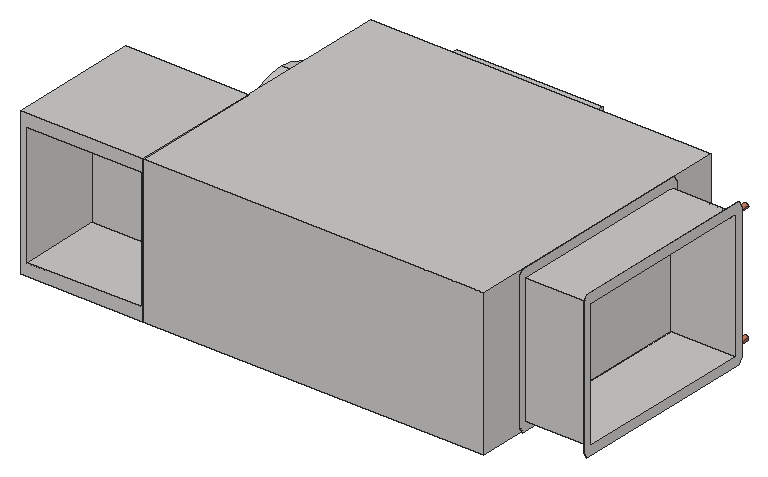
Revit family
Parameters
  Width = 3' - 3"
  Voltage = 277 V
  Unit Weight = if(Number of Rows = 1, "272.0 lbs", if(Number of Rows = 2, "277.0 lbs", "0"))  # "272.0 lbs"
  UltraLoc Liner = Choose Liner Option = 3  # no
  URL = "http://www.titus-hvac.com/"
  UL = "181"
  Supply Air Flow [instance] = 0 CFM
  SteriLoc Liner = Choose Liner Option = 2  # no
  Secondary Material = Copper Connectors
  Primary Air Pressure Drop [instance] = 0.00 in-wg
  Primary Air Flow [instance] = 0 CFM
  Pressure [instance] = 0.00 psi
  Plenum Air Pressure Drop [instance] = 0.00 in-wg
  Plenum Air Flow [instance] = 0 CFM
  Outlet Width = 2' - 1"
  Outlet Height = 1' - 5 1/2"
  Number of Rows = 1
  Number of Poles = 1
  Nominal Width = Width + 0' 6 1/4"  # 3' - 9 1/4"
  Nominal Length = Length + 1' 4 7/8" + 0' 9"  # 6' - 0 5/8"
  Nominal Inlet Size = 1' - 4"
  Nominal Height = 1' - 8"
  NFPA = "90A"
  Motor Full Load Amps [instance] = 3 A
  Model = "DTFS-F"
  Min. Air Flow = 0 CFM
  Max. Air Flow = 4000 CFM
  Material = Galvanized Steel
  Manufacturer = "Titus"
  Length = 3' - 10 3/4"
  Juction Box Offset = 0' - 6 7/8"
  Inlet Diameter = Nominal Inlet Size - 0' 0 1/8"  # 1' - 3 7/8"
  Induced Air Inlet Width = 1' - 4 7/8"
  Induced Air Inlet Offset = (Nominal Height - Induced Air Inlet Connection Height) / 2  # 0' - 1 11/16"
  Induced Air Inlet Height = 1' - 6 1/8"
  Induced Air Inlet Connection Width = 1' - 3 3/4"
  Induced Air Inlet Connection Height = 1' - 4 5/8"
  Induced Air Filter = no
  Heating Total Capacity [instance] = 0 Btu/h
  Heating Entering Water Temp = 0 °F
  Half Outlet Width = 1' - 0 1/2"
  Half Outlet Connection Width = Outlet Width / 2  # 1' - 0 1/2"
  Half Outlet Connection Height = Outlet Height / 2  # 0' - 8 3/4"
  Half Height Start = -(Nominal Height / 2)  # -0' - 10"
  Half Height End = Nominal Height / 2  # 0' - 10"
  HWC Option = HWC Section : D-E - 1 Row
  HWC Connector Radius = 5/16"
  HWC Connector Length = 0' - 3"
  HP-Motor = "1/3"
  Gallons Per Minute [instance] = 0 GPM
  Frequency = 60 Hz
  Flange Offset = 0' - 1 1/4"
  Filter Size = "18\"x17\""
  Fiber Free Liner = Choose Liner Option = 1  # no
  Fan Disconnect Switch = no
  Duct Radius = Nominal Inlet Size / 2  # 0' - 8"
  Description = "Ultra Quiet Series Fan Powered Terminal Unit, Direct Digital Control, Pressure Independent"
  Connector Vertical Offset = if(Number of Rows = 1, 1' 4 1/4", if(Number of Rows = 2, 1' 4 3/4", 0' 0"))  # 1' - 4 1/4"
  Connector Horizontal Offset = if(Number of Rows = 1, 0' 0", if(Number of Rows = 2, 0' 1", 0' 0"))  # 0' - 0"
  Connection Void Radius = Connection Radius - 0' 0 1/4"  # 0' - 7 11/16"
  Connection Radius = Inlet Diameter / 2  # 0' - 7 15/16"
  Choose Liner Option = 0
  CADworks URL = "www.CADworks.net"
  Assembly Code = "D3040100"
  Apparent Power [instance] = Voltage * Motor Full Load Amps  # 831 VA
  Air Inlet Offset = 0' - 11"
  1/2" Fiberglass Liner = Choose Liner Option = 0  # yes
  1" Fiberglass Liner = Choose Liner Option = 4  # no
Reference planes (in)
  plane 1 "Center (Front/Back)": y = 0
  plane 2: z = 0
  plane 3 "Center (Left/Right)": x = 3
  plane 4: x = -20.375
  plane 5: x = 26.375
  plane 6: x = -13.5
  plane 7: x = -23.75
  plane 8 "Center (Elevation)": z = 0
  plane 9: y = -19.5
  plane 10: y = 19.5
  plane 11: y = 8.5
  plane 12: y = -8.25
  plane 13: z = 0.6875
  plane 14: z = -6.875
  plane 15: x = 35.375
  plane 16: x = 34.375
  plane 17: x = 34.375
  plane 18: y = 15.5
  plane 19: z = -8.125
  plane 20: z = 8.125
  plane 21: y = -12.5
  plane 22: y = 12.5
  plane 23: y = 25.75
  plane 24: x = -37.25
  plane 25: z = 10
  plane 26: z = -10
Forms (in)
  Extrusion 1, solid, material "Galvanized Steel" <- "Material"
    sketch origin (0, 0, 0) x (1, 0, 0) y (0, 1, 0)
      loop
        line (-20.375, 19.5) -> (-20.375, -19.5) -> (26.375, -19.5) -> (26.375, 19.5) -> (-20.375, 19.5)
    from -10 <- "Half Height Start" to 10 <- "Half Height End"
  Extrusion 2, solid, material "Galvanized Steel" <- "Material"
    sketch origin (0, 0, 0) x (1, 0, 0) y (0, 1, 0)
      loop
        line (-37.25, -1.375) -> (-37.25, -19.5) -> (-20.375, -19.5) -> (-20.375, -1.375) -> (-37.25, -1.375)
    from -10 <- "Half Height Start" to 10 <- "Half Height End"
  Extrusion 3, void, detail levels fine
    sketch origin (0, -19.5, 0) x (1, 0, 0) y (0, 0, -1)
      loop
        line (-20.625, 8.3125) -> (-36.375, 8.3125) -> (-36.375, -8.3125) -> (-20.625, -8.3125) -> (-20.625, 8.3125)
    from 0 to 11.25
  Extrusion 4, solid, material "Galvanized Steel" <- "Material"
    sketch origin (3.125, 0, 0) x (1, 0, 0) y (0, 1, 0)
      loop
        line (-16.625, 19.5) -> (3.375, 19.5) -> (3.375, 25.75) -> (-16.625, 25.75) -> (-16.625, 19.5)
    from -6 to 6
  Extrusion 5, solid, material "Galvanized Steel" <- "Material"
    sketch origin (-24.875, -3, 0) x (0, 0, -1) y (0, 1, 0)
      loop
        circle (0, 11.5) r 7.9375
    from 1.125 to 4.5
  Extrusion 6, void, detail levels fine
    sketch origin (-24.875, 0, 0) x (0, 1, 0) y (0, 0, 1)
      loop
        circle (8.5, 0) r 7.6875
    from 1.125 to 11.375
  Extrusion 7, void, detail levels fine
    sketch origin (35.375, -12.5, 8.75) x (0, 0, 1) y (0, -1, 0)
      loop
        line (-17.5, 0) -> (-17.5, -25) -> (0, -25) -> (0, 0) -> (-17.5, 0)
    from -0.0625 to 0
  Extrusion 8, solid, material "Copper Connectors" <- "Secondary Material", detail levels fine
    sketch origin (0, 0, 0) x (1, 0, 0) y (0, 0, 1)
      loop
        circle (34.375, 8.125) r 0.3125
    from -15.5 to -12.5625
  Extrusion 9, solid, material "Copper Connectors" <- "Secondary Material", detail levels fine
    sketch origin (0, 0, 0) x (1, 0, 0) y (0, 0, 1)
      loop
        circle (34.375, -8.125) r 0.3125
    from -15.5 to -12.5625
Cuts and joins
  Extrusion 3 cuts Extrusion 2
  Extrusion 6 cuts Extrusion 1
  Extrusion 6 cuts Extrusion 5
Dimensions and locks (in)
  "Length": plane 5 to plane 4
  equal spacing: plane 5, plane 3 "Center (Left/Right)", plane 4
  locked: Extrusion 4 to Extrusion 4 at 20
  "Juction Box Offset": plane 6 to plane 4
  locked: plane 4 to plane 7 at 3.375
  "Width": plane 9 to plane 10
  equal spacing: plane 9, plane 1 "Center (Front/Back)", plane 10
  locked: Extrusion 5 sketch curve to level at 0
  locked: Extrusion 5 sketch curve to plane 11 at 0
  locked: Extrusion 6 sketch curve to level at 0
  locked: Extrusion 6 sketch curve to plane 11 at 0
  locked: Extrusion 4 to Extrusion 4 at 6.25
  locked: Extrusion 4 to Extrusion 4 at 12
  equal spacing: Extrusion 4, plane 8 "Center (Elevation)", Extrusion 4
  locked: plane 12 to plane 9 at 11.25
  "Air Inlet Offset": plane 10 to plane 11
  "Induced Air Inlet Height": cut or joined group of Extrusion 2, Extrusion 3 to cut or joined group of Extrusion 2, Extrusion 3
  locked: cut or joined group of Extrusion 5, Extrusion 6 to cut or joined group of Extrusion 5, Extrusion 6 at 3.375
  locked: plane 12 to plane 12 at 0
  "Induced Air Inlet Connection Height": Extrusion 3 sketch curve to Extrusion 3 sketch curve
  "Induced Air Inlet Offset": Extrusion 3 sketch curve to cut or joined group of Extrusion 2, Extrusion 3
  "Induced Air Inlet Connection Width": Extrusion 3 sketch curve to Extrusion 3 sketch curve
  locked: Extrusion 3 sketch curve to cut or joined group of Extrusion 1, Extrusion 6 at 0.25
  "Connector Vertical Offset": plane 20 to plane 19
  equal spacing: plane 20, plane 8 "Center (Elevation)", plane 19
  locked: plane 15 to plane 5 at 9
  locked: plane 15 to plane 16 at 1
  "Connector Horizontal Offset": plane 16 to plane 17
  locked: Extrusion 8 sketch curve to plane 17 at 0
  locked: Extrusion 8 sketch curve to plane 20 at 0
  locked: Extrusion 9 sketch curve to plane 16 at 0
  locked: Extrusion 9 sketch curve to plane 19 at 0
  "HWC Connector Length": plane 18 to plane 22
  locked: cut or joined group of Extrusion 1, Extrusion 6 to Extrusion 7 at 9
  locked: cut or joined group of Extrusion 2, Extrusion 3 to cut or joined group of Extrusion 2, Extrusion 3 at 16.875
  locked: cut or joined group of Extrusion 2, Extrusion 3 to cut or joined group of Extrusion 2, Extrusion 3 at 20
  equal spacing: cut or joined group of Extrusion 2, Extrusion 3, plane 8 "Center (Elevation)", cut or joined group of Extrusion 2, Extrusion 3
  locked: cut or joined group of Extrusion 1, Extrusion 6 to cut or joined group of Extrusion 1, Extrusion 6 at 20
  equal spacing: cut or joined group of Extrusion 1, Extrusion 6, plane 8 "Center (Elevation)", cut or joined group of Extrusion 1, Extrusion 6
  locked: nested 1 to cut or joined group of Extrusion 1, Extrusion 6 at 1.1875
  locked: cut or joined group of Extrusion 1, Extrusion 6 to nested 1 at 1.1875
  "Connection Radius": radius of Extrusion 5 sketch curve
  "Connection Void Radius": radius of Extrusion 6 sketch curve
  "HWC Connector Radius": radius of Extrusion 8 sketch curve
  "HWC Connector Radius": radius of Extrusion 9 sketch curve
  aligned and locked: plane 10 to Extrusion 4
  aligned and locked: plane 6 to Extrusion 4
  aligned and locked: plane 7 to cut or joined group of Extrusion 5, Extrusion 6
  aligned and locked: plane 18 to Extrusion 8
  aligned and locked: plane 18 to Extrusion 9
  aligned and locked: plane 9 to cut or joined group of Extrusion 2, Extrusion 3  (x3)
  aligned and locked: plane 5 to nested 1
  aligned and locked: plane 15 to nested 1
  aligned and locked: plane 18 to nested 1  (x2)
  aligned and locked: plane 21 to nested 1
  aligned and locked: plane 22 to nested 1
  aligned and locked: plane 5 to cut or joined group of Extrusion 1, Extrusion 6
  aligned and locked: cut or joined group of Extrusion 1, Extrusion 6 to nested 1
  aligned and locked: cut or joined group of Extrusion 1, Extrusion 6 to plane 10
  aligned and locked: Extrusion 4 to cut or joined group of Extrusion 1, Extrusion 6  (x2)
  aligned and locked: cut or joined group of Extrusion 1, Extrusion 6 to plane 4
  aligned and locked: plane 9 to cut or joined group of Extrusion 1, Extrusion 6
  aligned and locked: cut or joined group of Extrusion 5, Extrusion 6 to cut or joined group of Extrusion 1, Extrusion 6
  aligned and locked: nested 1 to cut or joined group of Extrusion 1, Extrusion 6
  aligned and locked: plane 6 to Extrusion 6
  aligned and locked: Extrusion 6 to plane 7
  aligned and locked: Extrusion 3 to plane 12
  aligned and locked: plane 23 to Extrusion 4
  aligned and locked: plane 24 to cut or joined group of Extrusion 2, Extrusion 3
  aligned and locked: plane 25 to cut or joined group of Extrusion 2, Extrusion 3
  aligned and locked: plane 26 to cut or joined group of Extrusion 2, Extrusion 3
  aligned and locked: plane 26 to cut or joined group of Extrusion 1, Extrusion 6
  aligned and locked: plane 25 to cut or joined group of Extrusion 1, Extrusion 6
Automatic sketch dimensions
  Extrusion 1 sketch curve to plane 4 = 0' - 0"
  Extrusion 1 sketch curve to plane 5 = 0' - 0"
  Extrusion 1 sketch curve to plane 9 = 0' - 0"
  Extrusion 1 sketch curve to plane 10 = 0' - 0"
  Extrusion 2 sketch curve to plane 4 = 0' - 0"
  Extrusion 2 sketch curve to plane 9 = 0' - 0"
  plane 1 "Center (Front/Back)" to Extrusion 2 sketch curve = 0' - 1 3/8"
  Extrusion 4 sketch curve to plane 6 = 0' - 0"
  Extrusion 4 sketch curve to plane 10 = 0' - 0"
  plane 3 "Center (Left/Right)" to Extrusion 4 sketch curve = 0' - 3 1/2"
  Extrusion 4 sketch curve to plane 10 = 0' - 6 1/4"
  Extrusion 2 sketch curve to plane 7 = 1' - 1 1/2"
  Extrusion 7 sketch curve to nested 1 = 0' - 0"  (x4)
Nested families (in)
  nested 1: "HWC Section" at (30.875, 0, 0) x (0, 1, 0) z (0, 0, 1), type <- "HWC Option", type "D-E - 1 Row"
Connectors (in)
  electrical at (-3.5, 25.75, 0), driven by "Apparent Power", driven by "Voltage", driven by "Number of Poles"
    settings: on Extrusion 4, index 8
  hvac at (-23.75, 8.5, 0), driven by "Duct Radius", driven by "Primary Air Pressure Drop", driven by "Primary Air Flow"
    settings: on cut or joined group of Extrusion 5, Extrusion 6, index 9
  hvac at (-28.5, -19.5, 0), driven by "Induced Air Inlet Connection Height", driven by "Induced Air Inlet Connection Width", driven by "Plenum Air Pressure Drop", driven by "Plenum Air Flow"
    settings: on cut or joined group of Extrusion 2, Extrusion 3, index 11
  hvac at (35.375, 0, 0), driven by "Outlet Height", driven by "Outlet Width", driven by "Supply Air Flow"
    settings: on Extrusion 7, index 12
  piping at (34.375, 15.5, 8.125), driven by "Gallons Per Minute", driven by "Pressure", driven by "HWC Connector Radius"
    settings: on Extrusion 8, index 13
  piping at (34.375, 15.5, -8.125), driven by "Gallons Per Minute", driven by "HWC Connector Radius", driven by "Pressure"
    settings: on Extrusion 9, index 14
Definition of nested family "HWC Section"
  Parameters (values of type "B-C - 1 Row")
    Visibility = yes
    Secondary Material = Copper Connectors
    Number of Rows = 1
    Material = Galvanized Steel
    Half Width = HWC Width / 2  # 0' - 10 1/4"
    Half Length-Start = -(HWC Length / 2)  # -0' - 4 1/2"
    Half Length-End = HWC Length / 2  # 0' - 4 1/2"
    HWC Connection Radius = 5/16"
    Flange Offset = 0' - 1"
    Duct Vertical Offset = HWC Height - 0' 0 1/2"  # 1' - 0"
    Duct Horizontal Offset = HWC Width - 0' 0 1/2"  # 1' - 8"
    Connector Vertical Offset = 0' - 11 3/4"
    HWC Width = 1' - 8 1/2"
    HWC Height = 1' - 0 1/2"
    HWC Length = 0' - 9"  # constant formula
    Gallons Per Minute = 0 GPM
    Connector Length = 0' - 3"
    Connector Horizontal Offset = 0' - 0"
  Types (5): name | Number of Rows | Half Width | Flange Offset | Duct Vertical Offset | Duct Horizontal Offset | Connector Vertical Offset | HWC Width | HWC Height | Connector Horizontal Offset
    (no name) | 1 | 0' - 10 1/4" | 0' - 1" | 1' - 0" | 1' - 8" | 0' - 11 3/4" | 1' - 8 1/2" | 1' - 0 1/2" | 0' - 0"
    B-C - 1 Row | 1 | 0' - 10 1/4" | 0' - 1" | 1' - 0" | 1' - 8" | 0' - 11 3/4" | 1' - 8 1/2" | 1' - 0 1/2" | 0' - 0"
    B-C - 2 Row | 2 | 0' - 10 1/4" | 0' - 1" | 1' - 0" | 1' - 8" | 0' - 11 3/4" | 1' - 8 1/2" | 1' - 0 1/2" | 0' - 1"
    D-E - 1 Row | 1 | 1' - 0 1/2" | 0' - 1 1/4" | 1' - 5" | 2' - 0 1/2" | 1' - 4 1/4" | 2' - 1" | 1' - 5 1/2" | 0' - 0"
    D-E - 2 Row | 2 | 1' - 0 1/2" | 0' - 1 1/4" | 1' - 5" | 2' - 0 1/2" | 1' - 4 3/4" | 2' - 1" | 1' - 5 1/2" | 0' - 1"
  Reference planes (in)
    plane 1 "Center (Front/Back)": y = 0
    plane 2: z = 0
    plane 3 "Center (Left/Right)": x = 0
    plane 4: x = -10.25
    plane 5: x = 10.25
    plane 6: y = 4.5
    plane 7: y = -4.5
    plane 8: z = 6.25
    plane 9: z = -6.25
    plane 10: z = 5.875
    plane 11: z = -5.875
    plane 12: y = 3.5
    plane 13: y = 3.5
    plane 14: x = 13.25
  Forms (in)
    Extrusion 1, solid, material "Galvanized Steel" <- "Material", visible <- "Visibility"
      sketch origin (0, 0, 0) x (1, 0, 0) y (0, 0, 1)
        loop
          line (-10.3125, 6.3125) -> (-10.3125, -6.3125) -> (10.3125, -6.3125) -> (10.3125, 6.3125) -> (-10.3125, 6.3125)
      from -4.375 <- "Half Length-Start" to 4.5 <- "Half Length-End"
    Extrusion 2, void, detail levels fine
      sketch origin (0, 0, 0) x (1, 0, 0) y (0, 0, 1)
        loop
          line (-10.25, -6.25) -> (10.25, -6.25) -> (10.25, 6.25) -> (-10.25, 6.25) -> (-10.25, -6.25)
      from -4.5 <- "Half Length-Start" to 4.5 <- "Half Length-End"
    Extrusion 3, solid, material "Copper Connectors" <- "Secondary Material", visible <- "Visibility"
      sketch origin (6, 2.625, 0) x (0, 1, 0) y (0, 0, 1)
        loop
          circle (0.875, -5.875) r 0.3125
      from 4.3125 to 7.25
    Extrusion 4, solid, material "Galvanized Steel" <- "Material", visible <- "Visibility"
      sketch origin (0, -4.375, 0) x (1, 0, 0) y (0, 0, 1)
        loop
          line (-10.25, 6.25) -> (-10.25, -6.25) -> (10.25, -6.25) -> (10.25, 6.25) -> (-10.25, 6.25)
        loop
          line (-11.25, 6.75) -> (-11.25, -6.75) -> (-10.75, -7.25) -> (10.75, -7.25) -> (11.25, -6.75) -> (11.25, 6.75) -> (10.75, 7.25) -> (-10.75, 7.25) -> (-11.25, 6.75)
      from 0 to 0.125
    Extrusion 5, solid, material "Copper Connectors" <- "Secondary Material", visible <- "Visibility"
      sketch origin (6, -0.5, 0) x (0, 1, 0) y (0, 0, 1)
        loop
          circle (4, 5.875) r 0.3125
      from 4.3125 to 7.25
    Extrusion 6, solid, material "Galvanized Steel" <- "Material", visible <- "Visibility"
      sketch origin (0, 4.375, 0) x (1, 0, 0) y (0, 0, -1)
        loop
          line (-10.25, -6.25) -> (10.25, -6.25) -> (10.25, 6.25) -> (-10.25, 6.25) -> (-10.25, -6.25)
        loop
          line (-11.25, -6.75) -> (-10.75, -7.25) -> (10.75, -7.25) -> (11.25, -6.75) -> (11.25, 6.75) -> (10.75, 7.25) -> (-10.75, 7.25) -> (-11.25, 6.75) -> (-11.25, -6.75)
      from 0 to 0.125
  Cuts and joins
    Extrusion 2 cuts Extrusion 1
    joined: Extrusion 1, Extrusion 4, Extrusion 6
  Dimensions and locks (in)
    "HWC Width": plane 4 to plane 5
    equal spacing: plane 4, plane 3 "Center (Left/Right)", plane 5
    "HWC Height": plane 8 to plane 9
    equal spacing: plane 8, plane 2, plane 9
    equal spacing: plane 10, plane 2, plane 11
    locked: plane 12 to plane 6 at 1
    "Connector Horizontal Offset": plane 13 to plane 12
    locked: plane 7 to Extrusion 4 at 0.125
    locked: Extrusion 6 to plane 6 at 0.125
    locked: plane 4 to Extrusion 1 sketch curve at 0.0625
    locked: Extrusion 4 to Extrusion 1 sketch curve at 0.0625
    locked: Extrusion 1 sketch curve to plane 8 at 0.0625
    locked: plane 9 to Extrusion 1 sketch curve at 0.0625
    "Connector Length": plane 5 to plane 14
    "HWC Length": plane 6 to plane 7
    equal spacing: plane 6, plane 1 "Center (Front/Back)", plane 7
    "Connector Vertical Offset": plane 10 to plane 11
    equal spacing: plane 10, level, plane 11
    "HWC Width": Extrusion 4 sketch curve to Extrusion 4 sketch curve
    equal spacing: Extrusion 4 sketch curve, plane 3 "Center (Left/Right)", Extrusion 4 sketch curve
    "HWC Height": Extrusion 4 sketch curve to Extrusion 4 sketch curve
    equal spacing: Extrusion 4 sketch curve, plane 2, Extrusion 4 sketch curve
    locked: cut or joined group of Extrusion 1, Extrusion 2, Extrusion 4, Extrusion 6 to plane 4 at 1  (x2)
    locked: cut or joined group of Extrusion 1, Extrusion 2, Extrusion 4, Extrusion 6 to plane 5 at 1  (x2)
    "HWC Width": Extrusion 6 sketch curve to Extrusion 6 sketch curve
    "HWC Height": Extrusion 6 sketch curve to Extrusion 6 sketch curve
    equal spacing: Extrusion 6 sketch curve, plane 3 "Center (Left/Right)", Extrusion 6 sketch curve
    equal spacing: Extrusion 6 sketch curve, plane 2, Extrusion 6 sketch curve
    "HWC Height": Extrusion 2 sketch curve to Extrusion 2 sketch curve
    "HWC Width": Extrusion 2 sketch curve to Extrusion 2 sketch curve
    equal spacing: Extrusion 2 sketch curve, plane 3 "Center (Left/Right)", Extrusion 2 sketch curve
    equal spacing: Extrusion 2 sketch curve, plane 2, Extrusion 2 sketch curve
    locked: plane 5 to Extrusion 3 at 0.0625
    locked: plane 5 to Extrusion 5 at 0.0625
    "Flange Offset": cut or joined group of Extrusion 1, Extrusion 2, Extrusion 4, Extrusion 6 to plane 8
    "Flange Offset": plane 9 to cut or joined group of Extrusion 1, Extrusion 2, Extrusion 4, Extrusion 6
    "Flange Offset": plane 8 to cut or joined group of Extrusion 1, Extrusion 2, Extrusion 4, Extrusion 6
    "Flange Offset": cut or joined group of Extrusion 1, Extrusion 2, Extrusion 4, Extrusion 6 to plane 9
    "HWC Connection Radius": radius of Extrusion 3 sketch curve
    "HWC Connection Radius": radius of Extrusion 5 sketch curve
    aligned and locked: plane 7 to Extrusion 4
    aligned and locked: plane 6 to Extrusion 6
    aligned and locked: plane 14 to Extrusion 5
    aligned and locked: plane 14 to Extrusion 3
    aligned and locked: Extrusion 6 to cut or joined group of Extrusion 1, Extrusion 2, Extrusion 4, Extrusion 6
    aligned and locked: Extrusion 4 to Extrusion 4
  Automatic sketch dimensions
    Extrusion 3 sketch curve to plane 11 = 0' - 0"
    Extrusion 3 sketch curve to plane 12 = 0' - 0"
    Extrusion 5 sketch curve to plane 10 = 0' - 0"
    Extrusion 5 sketch curve to plane 13 = 0' - 0"
    plane 4 to Extrusion 6 sketch curve = 0' - 1"
    plane 4 to Extrusion 6 sketch curve = 0' - 0 1/2"  (x2)
    Extrusion 6 sketch curve to plane 5 = 0' - 0 1/2"  (x2)
    Extrusion 6 sketch curve to Extrusion 6 sketch curve = 0' - 0 1/2"  (x3)
    plane 8 to Extrusion 6 sketch curve = 0' - 0 1/2"  (x2)
    Extrusion 6 sketch curve to plane 9 = 0' - 0 1/2"  (x2)
    plane 4 to Extrusion 4 sketch curve = 0' - 0 1/2"  (x2)
    Extrusion 4 sketch curve to Extrusion 4 sketch curve = 0' - 0 1/2"  (x4)
    Extrusion 4 sketch curve to plane 5 = 0' - 0 1/2"  (x2)
    Extrusion 4 sketch curve to plane 9 = 0' - 0 1/2"  (x2)
    plane 8 to Extrusion 4 sketch curve = 0' - 0 1/2"  (x2)
